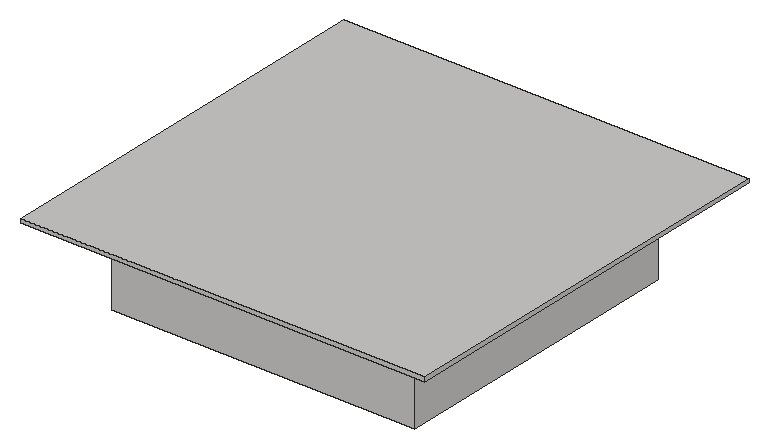
Revit family "Access_Panel-Wall_Ceiling_Door-Activar-Interior_Access-TMS", category Doors, host Face, Revit 2012
Parameters (values of type "See Type Catalog")
  ecoScorecard_data = ""
  ecoScorecard Product Page = "http://ecoscorecard.com/"
  Width = 8"
  Warranty URL = "http://www.activarcpg.com/sites/default/files/warranty/jl-industries/JL%20AP%20Warranty.pdf"
  URL = "http://www.activarcpg.com/"
  Submittal URL = "http://www.activarcpg.com/sites/default/files/submittals/JL/Access%20Panels/Access%20Panel_TMS_Submittal.pdf"
  Subcategory = "Access Panels"
  Shipping Weight = 4.00 lbf
  Rough Width = 6 3/8"
  Rough Height = 6 3/8"
  Product Page URL = "http://www.activarcpg.com/jl-industries/product/tms-multi-purpose-flush-stainless-steel-access-panel"
  Product Line = "Flush Access Panels"
  Panel Type Use = "Standard Stainless Steel Panel (Wall or Ceiling)"
  Options = "Custom Colors, Double Door, Louvered Vents, Plexiglass View Window, Removeable Door (no hinge), Rainhood, Gasketing, Galvanized Finish (TMG), Cylinder Lock, Mortise Cam Latch, Mortise Deadbolt Lock, Mortise Slam Latch, Knob Cam, Torx, Spanner or Hex Head Cam."
  Number of Latches = 1
  Model = "TMS-0606C"
  Manufacturer Toll Free Phone = "800-554-6077"
  Manufacturer Phone = "952-835-6850"
  Manufacturer Fax = "952-835-2218"
  Manufacturer Email = "mailto:Sales@activarcpg.com"
  Manufacturer Address = "9702 Newton Av S, Bloomington MN 55431"  # constant formula
  Manufacturer = "Activar Construction Products Group"  # constant formula
  Maitenance URL = "http://www.activarcpg.com/sites/default/files/InstallationMaint/JL/Access%20Panel%20Cleaning%20and%20Maintenance.pdf"
  Installation URL = "https://www.activarcpg.com/sites/default/files/InstallationMaint/JL/Access_Panel_TM_Installation.pdf"
  Height = 8"
  Hardware = "Flush screwdriver-operated cam (C)."
  Frame = "18 gauge stainless steel with 1\" wall flange."
  Finish [instance] = Stainless Steel - Activar - #4 Satin Finish (304)
  Door = "16 gauge stainless steel access door mounted with 90° continuous, concealed hinge."
  Description = "Multi-Purpose Stainless, Flush Steel Access Panel"
  Default Elevation = 48"
  Custom Size Note = "Custom sizes are available.  Contact manufacturer for availability."  # constant formula
  Cost Info = "mailto:Sales@activarcpg.com"
  Assembly Code = "C1020700"
  Additional Info URL = "http://www.activarcpg.com/sites/default/files/Specifications/Access%20Panels.doc"
  95 CSI = "08310"
  04 CSI = "08 31 16"
Reference planes (in)
  plane 1 "Center (Front/Back)": y = 0
  plane 2 "Bottom": z = 0
  plane 3 "Center (Left/Right)": x = 0
  plane 4 "Left Opening": x = -3.1875
  plane 5 "Right Opening": x = 3.1875
  plane 6 "Back Opening": y = 3.1875
  plane 7 "Front Opening": y = -3.1875
  plane 8: z = -24
  plane 9: z = 0
  plane 10 "Front Door": z = 0.08
  plane 11 "Back": z = -1.625
  plane 12 "Top": y = 4
  plane 13 "Btm": y = -4
  plane 14 "Left": x = -4
  plane 15 "Right": x = 4
  plane 16: x = -3
  plane 17: y = -3
  plane 18: x = 3
  plane 19: y = 3
  plane 20: x = 1.96771
Forms (in)
  Extrusion 1, void
    sketch origin (0, 0, 0) x (1, 0, 0) y (0, 1, 0)
      loop
        line (-3.1875, 3.1875) -> (-3.1875, -3.1875) -> (3.1875, -3.1875) -> (3.1875, 3.1875) -> (-3.1875, 3.1875)
    from 0 to -24
  Extrusion 2, solid, material "Stainless Steel - Activar - #4 Satin Finish (304)" <- "Finish"
    sketch origin (0, 0, 0) x (1, 0, 0) y (0, 1, 0)
      loop
        line (-3, 3) -> (-3, -3) -> (3, -3) -> (3, 3) -> (-3, 3)
    from -1.625 to 0
  Extrusion 3, solid, material "Stainless Steel - Activar - #4 Satin Finish (304)" <- "Finish"
    sketch origin (0, 0, 0.08) x (-1, 0, 0) y (0, -1, 0)
      loop
        line (4, -4) -> (4, 4) -> (-4, 4) -> (-4, -4) -> (4, -4)
    from 0 to -0.08
Lines and regions (in)
  Masking region 1
    outline origin (0, 0, 0) x (1, 0, 0) y (0, 0, 1)
      loop
        line (4.25128, 0) -> (4.25128, 0.08) -> (-4, 0.08) -> (-4, 0) -> (-3, 0) -> (-3, -1.625) -> (3, -1.625) -> (3, 0) -> (4.25128, 0)
  Masking region 2
    outline origin (0, 0, 0.08) x (-1, 0, 0) y (0, -1, 0)
      loop
        line (4, -4) -> (4, 4) -> (-4, 4) -> (-4, -4) -> (4, -4)
  model lines
    curve 1: line (-3, 3, 0.08) -> (3, 3, 0.08)
    curve 2: line (-3, -3, 0.08) -> (-3, 3, 0.08)
    curve 3: line (3, -3, 0.08) -> (-3, -3, 0.08)
    curve 4: line (3, 3, 0.08) -> (3, -3, 0.08)
  symbolic lines, detail levels medium+fine
    curve 5: line (-3, -3, 0.08) -> (3, -3, 0.08)
    curve 6: line (-3, 3, 0.08) -> (-3, -3, 0.08)
    curve 7: line (3, 3, 0.08) -> (-3, 3, 0.08)
    curve 8: line (3, -3, 0.08) -> (3, 3, 0.08)
    curve 12: line (-3.1875, 0, 0) -> (3.1875, 0, 0)
  symbolic lines, detail levels fine
    curve 9: circle (1.96771, 0, 0.08) r 0.1875 normal (0, 0, 1)
    curve 10: line (1.7808, 0.01484, 0.08) -> (2.15462, 0.01484, 0.08)
    curve 11: line (1.7808, -0.01484, 0.08) -> (2.15462, -0.01484, 0.08)
  model lines, detail levels fine
    curve 13: circle (1.96771, 0, 0.08) r 0.1875 normal (0, 0, 1)
    curve 14: line (1.7808, 0.01484, 0.08) -> (2.15462, 0.01484, 0.08)
    curve 15: line (2.15462, -0.01484, 0.08) -> (1.7808, -0.01484, 0.08)
  symbolic lines
    curve 16: line (-3, 3, 0.08) -> (3, 3, 0.08)
    curve 17: line (-3, -3, 0.08) -> (-3, 3, 0.08)
    curve 18: line (3, -3, 0.08) -> (-3, -3, 0.08)
    curve 19: line (3, 3, 0.08) -> (3, -3, 0.08)
Dimensions and locks (in)
  equal spacing: plane 4 "Left Opening", plane 3 "Center (Left/Right)", plane 5 "Right Opening"
  equal spacing: plane 6 "Back Opening", plane 1 "Center (Front/Back)", plane 7 "Front Opening"
  "Rough Width": plane 4 "Left Opening" to plane 5 "Right Opening"
  "Rough Height": plane 6 "Back Opening" to plane 7 "Front Opening"
  level to plane 8 = 24"
  equal spacing: plane 14 "Left", plane 3 "Center (Left/Right)", plane 15 "Right"
  equal spacing: plane 12 "Top", plane 1 "Center (Front/Back)", plane 13 "Btm"
  "Height": plane 12 "Top" to plane 13 "Btm"
  "Width": plane 14 "Left" to plane 15 "Right"
  locked: plane 6 "Back Opening" to plane 19 at 0.1875
  locked: plane 4 "Left Opening" to plane 16 at 0.1875
  locked: plane 18 to plane 5 "Right Opening" at 0.1875
  locked: plane 17 to plane 7 "Front Opening" at 0.1875
  locked: plane 20 to plane 18 at 1.03229
  locked: plane 9 to plane 11 "Back" at 1.625
  locked: plane 10 "Front Door" to plane 9 at 0.08
  aligned and locked: plane 2 "Bottom" to host face
  aligned and locked: level to host face
  aligned and locked: plane 4 "Left Opening" to Extrusion 1 sketch curve
  aligned and locked: Extrusion 1 sketch curve to plane 5 "Right Opening"
  aligned and locked: Extrusion 1 sketch curve to plane 6 "Back Opening"
  aligned and locked: plane 7 "Front Opening" to Extrusion 1 sketch curve
  aligned and locked: Extrusion 1 to plane 8
  aligned and locked: plane 2 "Bottom" to Extrusion 1
  aligned and locked: Extrusion 2 to plane 11 "Back"
  aligned and locked: Extrusion 2 to plane 9
  aligned and locked: plane 14 "Left" to Extrusion 3 sketch curve
  aligned and locked: plane 13 "Btm" to Extrusion 3 sketch curve
  aligned and locked: Extrusion 3 sketch curve to plane 15 "Right"
  aligned and locked: Extrusion 3 sketch curve to plane 12 "Top"
  aligned and locked: Extrusion 3 to plane 9
  aligned and locked: Masking region 2 sketch curve to plane 15 "Right"
  aligned and locked: Masking region 2 sketch curve to plane 12 "Top"
  aligned and locked: plane 14 "Left" to Masking region 2 sketch curve
  aligned and locked: plane 13 "Btm" to Masking region 2 sketch curve
  aligned and locked: plane 20 to curve 9
  aligned and locked: plane 1 "Center (Front/Back)" to curve 9
  aligned and locked: plane 17 to curve 18
  aligned and locked: plane 16 to curve 17
  aligned and locked: curve 16 to plane 19
  aligned and locked: plane 18 to curve 19
  aligned and locked: curve 13 to curve 9
  aligned and locked: Masking region 1 sketch curve to plane 16
  aligned and locked: Masking region 1 sketch curve to plane 18
  aligned and locked: plane 16 to Extrusion 2 sketch curve
  aligned and locked: Extrusion 2 sketch curve to plane 19
  aligned and locked: plane 18 to Extrusion 2 sketch curve
  aligned and locked: plane 17 to Extrusion 2 sketch curve
  aligned and locked: plane 10 "Front Door" to Extrusion 3
  aligned and locked: plane 10 "Front Door" to Masking region 1
  aligned and locked: Masking region 1 to plane 14 "Left"
  aligned and locked: Masking region 1 to plane 2 "Bottom"  (x2)
  aligned and locked: Masking region 1 to plane 11 "Back"
  aligned and locked: nested 1 to plane 10 "Front Door"
  aligned and locked: nested 1 to plane 18
  aligned and locked: plane 16 to nested 1  (x2)
Automatic sketch dimensions
  host sketch curve to host sketch curve = 16.90705"
  host sketch curve to host sketch curve = 15.87349"
  Masking region 1 sketch curve to plane 9 = 0"  (x2)
  Masking region 1 sketch curve to plane 14 "Left" = 0"
  plane 10 "Front Door" to Masking region 1 sketch curve = 0"
  plane 15 "Right" to Masking region 1 sketch curve = 0.25128"
  Masking region 1 sketch curve to plane 11 "Back" = 0"
  curve 12 to level = 0"
  curve 12 to plane 4 "Left Opening" = 0"
  curve 12 to plane 5 "Right Opening" = 0"
  plane 1 "Center (Front/Back)" to curve 11 = 0.01484"
  curve 11 to plane 20 = 0.18691"
  curve 11 to curve 15 = 0"
  curve 11 to curve 14 = 0"
  curve 10 to curve 14 = 0"
Nested families (in)
  nested 1: "Access_Panel-Door-Plan_Swing-2D" at (0, 0, 0.08) x (1, 0, 0) z (0, -1, 0), type "Access_Panel-Door-Plan_Swing-2D"
    with Door Width 6"
Definition of nested family "Access_Panel-Door-Plan_Swing-2D"
  Parameters (values of type "Access_Panel-Door-Plan_Swing-2D")
    Door Width [instance] = 13 1/2"
  Reference planes (in)
    plane 1 "Center (Front/Back)": y = 0
    plane 2: z = 0
    plane 3 "Center (Left/Right)": x = 0
    plane 4: x = -6.75
    plane 5: x = 6.75
  Lines and regions (in)
    detail lines, in view "Ref. Level"
      curve 1: line (-6.75, 0, 0) -> (-6.75, 13.5, 0)
      curve 2: arc (-6.75, 13.5, 0) -> (2.79594, 9.54594, 0) -> (6.75, 0, 0) r 13.5
  Dimensions and locks (in)
    equal spacing: plane 4, plane 3 "Center (Left/Right)", plane 5
    "Door Width": plane 4 to plane 5
    aligned and locked: plane 1 "Center (Front/Back)" to curve 2  (x2)
    aligned and locked: plane 4 to curve 2  (x2)
    aligned and locked: plane 1 "Center (Front/Back)" to curve 1
    aligned and locked: plane 5 to curve 2
    aligned and locked: plane 4 to curve 1
Types in the file's own list only (22): name | Width | Shipping Weight | Rough Width | Rough Height | Number of Latches | Model | Height
  6 x 6 | 8" | 4.00 lb | 6 3/8" | 6 3/8" | 1 | "TMS-0606C" | 8"
  8 x 8 | 10" | 4.00 lb | 8 3/8" | 8 3/8" | 1 | "TMS-0808C" | 10"
  8 x 12 | 10" | 6.00 lb | 8 3/8" | 12 3/8" | 1 | "TMS-0812C" | 14"
  10 x 10 | 12" | 6.00 lb | 10 3/8" | 10 3/8" | 1 | "TMS-1010C" | 12"
  12 x 12 | 14" | 7.00 lb | 12 3/8" | 12 3/8" | 1 | "TMS-1212C" | 14"
  12 x 16 | 14" | 9.00 lb | 12 3/8" | 16 3/8" | 1 | "TMS-1216C" | 18"
  12 x 18 | 14" | 10.00 lb | 12 3/8" | 18 3/8" | 1 | "TMS-1218C" | 20"
  12 x 24 | 14" | 12.00 lb | 12 3/8" | 24 3/8" | 2 | "TMS-1224C" | 26"
  14 x 14 | 16" | 9.00 lb | 14 3/8" | 14 3/8" | 1 | "TMS-1414C" | 16"
  16 x 16 | 18" | 11.00 lb | 16 3/8" | 16 3/8" | 1 | "TMS-1616C" | 18"
  16 x 20 | 18" | 13.00 lb | 16 3/8" | 20 3/8" | 2 | "TMS-1620C" | 22"
  18 x 18 | 20" | 12.00 lb | 18 3/8" | 18 3/8" | 3 | "TMS-1818C" | 20"
  20 x 24 | 22" | 15.00 lb | 20 3/8" | 24 3/8" | 4 | "TMS-2024C" | 26"
  20 x 30 | 22" | 20.00 lb | 20 3/8" | 30 3/8" | 4 | "TMS-2030C" | 32"
  22 x 22 | 24" | 17.00 lb | 22 3/8" | 22 3/8" | 4 | "TMS-2222C" | 24"
  22 x 30 | 24" | 22.00 lb | 22 3/8" | 30 3/8" | 4 | "TMS-2230C" | 32"
  22 x 36 | 24" | 24.00 lb | 22 3/8" | 36 3/8" | 5 | "TMS-2236C" | 38"
  24 x 24 | 26" | 18.00 lb | 24 3/8" | 24 3/8" | 4 | "TMS-2424C" | 26"
  24 x 30 | 26" | 22.00 lb | 24 3/8" | 30 3/8" | 5 | "TMS-2430C" | 32"
  24 x 36 | 26" | 25.00 lb | 24 3/8" | 36 3/8" | 5 | "TMS-2436C" | 38"
  30 x 30 | 32" | 30.00 lb | 30 3/8" | 30 3/8" | 5 | "TMS-3030C" | 32"
  36 x 36 | 38" | 41.00 lb | 36 3/8" | 36 3/8" | 5 | "TMS-3636C" | 38"
